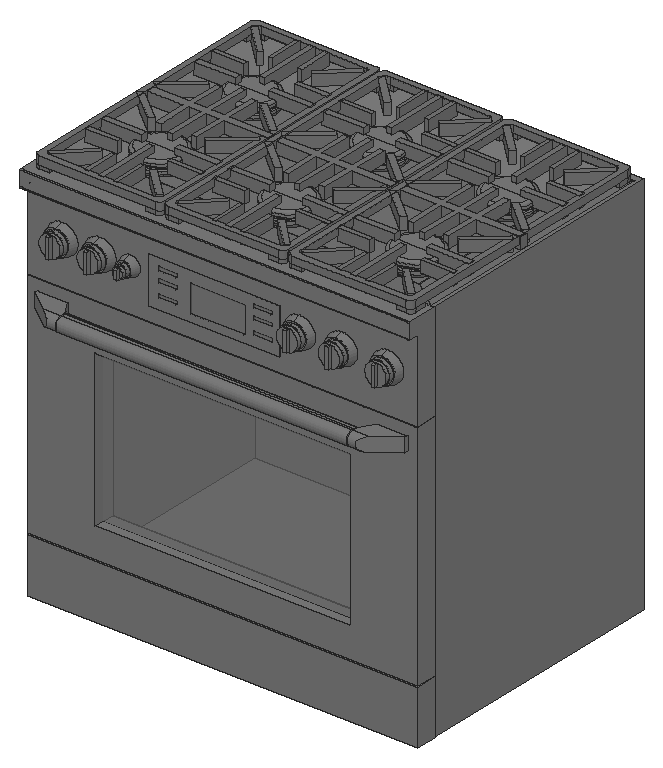
Revit family "DOP36M94D_Revit", category Specialty Equipment, Revit 2014 (continued)
Automatic sketch dimensions
  plane 6 to Extrusion 20 sketch curve = 0.54402"  (x2)
  plane 9 to Extrusion 20 sketch curve = 0.04155"  (x6)
  Extrusion 20 sketch curve to Extrusion 20 sketch curve = 1/2"  (x18)
  Extrusion 20 sketch curve to Extrusion 20 sketch curve = 0.51964"  (x16)
  Extrusion 20 sketch curve to Extrusion 20 sketch curve = 0.38691"  (x12)
  Extrusion 20 sketch curve to plane 3 "Center (Left/Right)" = 7.13575"  (x2)
  Extrusion 20 sketch curve to plane 4 = 0.60405"  (x3)
  Extrusion 20 sketch curve to Extrusion 20 sketch curve = 0.22919"  (x2)
  Extrusion 20 sketch curve to Extrusion 20 sketch curve = 0.01964"  (x2)
  plane 9 to Extrusion 20 sketch curve = 0.59656"
  plane 3 "Center (Left/Right)" to Extrusion 20 sketch curve = 4.19523"  (x2)
  Extrusion 20 sketch curve to Extrusion 20 sketch curve = 0.2524"  (x2)
  Extrusion 20 sketch curve to plane 7 = 1.95058"  (x2)
  Extrusion 20 sketch curve to Extrusion 20 sketch curve = 0.55501"  (x5)
  Extrusion 20 sketch curve to Extrusion 20 sketch curve = 0.05501"
  Extrusion 20 sketch curve to Extrusion 20 sketch curve = 0.41301"  (x10)
  Extrusion 20 sketch curve to plane 5 = 0.49042"  (x2)
  Extrusion 20 sketch curve to plane 4 = 2.07208"
  Extrusion 20 sketch curve to Extrusion 20 sketch curve = 0.96803"  (x3)
  Extrusion 20 sketch curve to Extrusion 20 sketch curve = 0"  (x4)
  plane 6 to Extrusion 21 sketch curve = 0.66517"  (x2)
  Extrusion 21 sketch curve to Extrusion 21 sketch curve = 0.35355"  (x36)
  Extrusion 21 sketch curve to Extrusion 21 sketch curve = 0.04494"  (x3)
  plane 6 to Extrusion 21 sketch curve = 1.06366"  (x6)
  Extrusion 21 sketch curve to Extrusion 21 sketch curve = 0.34283"  (x15)
  plane 9 to Extrusion 21 sketch curve = 0.77284"  (x6)
  Extrusion 21 sketch curve to Extrusion 21 sketch curve = 2.56177"  (x4)
  Extrusion 21 sketch curve to Extrusion 21 sketch curve = 2.65165"  (x2)
  Extrusion 21 sketch curve to plane 1 "Center (Front/Back)" = 1.84429"  (x6)
  Extrusion 21 sketch curve to Extrusion 21 sketch curve = 0.34835"  (x6)
  Extrusion 21 sketch curve to Extrusion 21 sketch curve = 0.44539"  (x5)
  Extrusion 21 sketch curve to Extrusion 21 sketch curve = 0"  (x26)
  Extrusion 21 sketch curve to Extrusion 21 sketch curve = 0.74123"  (x5)
  Extrusion 21 sketch curve to plane 4 = 1.12314"  (x5)
  Extrusion 21 sketch curve to Extrusion 21 sketch curve = 0.46763"  (x20)
  Extrusion 21 sketch curve to Extrusion 21 sketch curve = 0.84662"  (x5)
  Extrusion 21 sketch curve to Extrusion 21 sketch curve = 0.34263"  (x12)
  Extrusion 21 sketch curve to Extrusion 21 sketch curve = 0.90737"
  Extrusion 21 sketch curve to Extrusion 21 sketch curve = 1.13909"  (x3)
  Extrusion 21 sketch curve to Extrusion 21 sketch curve = 1.15737"  (x8)
  Extrusion 21 sketch curve to Extrusion 21 sketch curve = 2.31473"  (x3)
  Extrusion 21 sketch curve to Extrusion 21 sketch curve = 1.3852"  (x6)
  plane 5 to Extrusion 21 sketch curve = 1.42449"
  Extrusion 21 sketch curve to Extrusion 21 sketch curve = 0.70886"  (x6)
  Extrusion 21 sketch curve to Extrusion 21 sketch curve = 0.50401"  (x6)
  Extrusion 21 sketch curve to Extrusion 21 sketch curve = 0.94946"  (x5)
  Extrusion 21 sketch curve to plane 4 = 4.33545"  (x2)
  plane 5 to Extrusion 21 sketch curve = 1.76732"  (x5)
  Extrusion 21 sketch curve to plane 1 "Center (Front/Back)" = 2.19784"  (x2)
  Extrusion 21 sketch curve to plane 4 = 1.34097"  (x4)
  Extrusion 21 sketch curve to Extrusion 21 sketch curve = 3.36051"  (x3)
  plane 1 "Center (Front/Back)" to Extrusion 21 sketch curve = 1.8755"  (x4)
  Extrusion 21 sketch curve to Extrusion 21 sketch curve = 3.46427"  (x2)
  plane 1 "Center (Front/Back)" to Extrusion 21 sketch curve = 0.69263"  (x4)
  Extrusion 21 sketch curve to Extrusion 21 sketch curve = 3"  (x3)
  plane 1 "Center (Front/Back)" to Extrusion 21 sketch curve = 0.33908"  (x6)
  plane 1 "Center (Front/Back)" to Extrusion 21 sketch curve = 2.22905"  (x6)
  Extrusion 21 sketch curve to Extrusion 21 sketch curve = 0.29017"
  Extrusion 21 sketch curve to Extrusion 21 sketch curve = 0.45534"  (x2)
  Extrusion 21 sketch curve to plane 4 = 1.6838"  (x2)
  Extrusion 21 sketch curve to Extrusion 21 sketch curve = 1.31095"  (x2)
  Extrusion 21 sketch curve to Extrusion 21 sketch curve = 1.06483"  (x4)
  Extrusion 21 sketch curve to plane 5 = 0.88433"  (x2)
  Extrusion 21 sketch curve to plane 3 "Center (Left/Right)" = 2.56207"  (x2)
  Extrusion 21 sketch curve to plane 3 "Center (Left/Right)" = 2.47219"
  plane 9 to Extrusion 21 sketch curve = 0.55501"  (x9)
  Extrusion 21 sketch curve to plane 3 "Center (Left/Right)" = 1.38813"
  Extrusion 21 sketch curve to plane 3 "Center (Left/Right)" = 1.27721"  (x2)
  Extrusion 21 sketch curve to plane 3 "Center (Left/Right)" = 0.13813"  (x4)
  plane 3 "Center (Left/Right)" to Extrusion 21 sketch curve = 0.32951"  (x4)
  Extrusion 21 sketch curve to Extrusion 21 sketch curve = 0.93973"  (x2)
  plane 3 "Center (Left/Right)" to Extrusion 21 sketch curve = 1.26924"
  Extrusion 21 sketch curve to Extrusion 21 sketch curve = 2.74927"
  Extrusion 21 sketch curve to Extrusion 21 sketch curve = 0.26872"
  Extrusion 21 sketch curve to Extrusion 21 sketch curve = 0.20301"  (x2)
  Extrusion 21 sketch curve to Extrusion 21 sketch curve = 13/16"  (x4)
  Extrusion 21 sketch curve to Extrusion 21 sketch curve = 1.05862"  (x2)
  Extrusion 21 sketch curve to plane 7 = 1.46744"  (x2)
  Extrusion 21 sketch curve to plane 7 = 1.02105"  (x2)
  Extrusion 21 sketch curve to plane 7 = 0.87849"  (x4)
  Extrusion 21 sketch curve to plane 7 = 0.37733"
  Extrusion 21 sketch curve to Extrusion 21 sketch curve = 0.2768"  (x10)
  Extrusion 21 sketch curve to Extrusion 21 sketch curve = 1.46121"  (x9)
  Extrusion 21 sketch curve to Extrusion 21 sketch curve = 7/16"  (x12)
  Extrusion 21 sketch curve to Extrusion 21 sketch curve = 0.65897"  (x3)
  Extrusion 21 sketch curve to Extrusion 21 sketch curve = 0.70743"  (x8)
  Extrusion 21 sketch curve to Extrusion 21 sketch curve = 0.5795"  (x12)
  Extrusion 21 sketch curve to Extrusion 21 sketch curve = 0.89493"  (x9)
  Extrusion 21 sketch curve to Extrusion 21 sketch curve = 1.62209"  (x6)
  Extrusion 21 sketch curve to Extrusion 21 sketch curve = 0.02284"  (x6)
  plane 1 "Center (Front/Back)" to Extrusion 21 sketch curve = 1.63544"  (x2)
  Extrusion 21 sketch curve to Extrusion 21 sketch curve = 0.59361"
  Extrusion 21 sketch curve to Extrusion 21 sketch curve = 0.24006"  (x3)
  Extrusion 21 sketch curve to Extrusion 21 sketch curve = 0.70275"  (x5)
  Extrusion 21 sketch curve to Extrusion 21 sketch curve = 0.19305"  (x3)
  Extrusion 21 sketch curve to Extrusion 21 sketch curve = 0.74976"
  Extrusion 21 sketch curve to Extrusion 21 sketch curve = 0.33071"  (x6)
  Extrusion 21 sketch curve to Extrusion 21 sketch curve = 3/4"  (x3)
  Extrusion 21 sketch curve to Extrusion 21 sketch curve = 1.36641"  (x5)
  Extrusion 21 sketch curve to Extrusion 21 sketch curve = 0.06603"  (x2)
  Revolve 22 sketch curve to plane 9 = 0"
  plane 11 to Revolve 22 sketch curve = 1/8"
  Revolve 22 sketch curve to plane 11 = 0.26351"
  Revolve 22 sketch curve to Revolve 22 sketch curve = 0.33385"
  Revolve 22 sketch curve to plane 14 = 3.49702"
  Revolve 22 sketch curve to Revolve 22 sketch curve = 0.9799"
  Revolve 22 sketch curve to Revolve 22 sketch curve = 0.06726"
  Revolve 22 sketch curve to Revolve 22 sketch curve = 0.13737"
  Revolve 22 sketch curve to Revolve 22 sketch curve = 0.20096"
  Revolve 22 sketch curve to plane 9 = 1/4"
  Revolve 22 sketch curve to plane 11 = 1/8"
  Revolve 22 sketch curve to Revolve 22 sketch curve = 0"
  Extrusion 23 sketch curve to plane 7 = 2.82771"
  Extrusion 23 sketch curve to Extrusion 23 sketch curve = 0.30095"
  Extrusion 23 sketch curve to plane 14 = 4.41501"
  Extrusion 23 sketch curve to Extrusion 23 sketch curve = 1.82959"
  plane 8 to Revolve 24 sketch curve = 1/32"
  plane 3 "Center (Left/Right)" to Revolve 24 sketch curve = 2 1/2"
  Revolve 24 sketch curve to plane 8 = 0.3223"
  Revolve 24 sketch curve to Revolve 24 sketch curve = 0"
  Revolve 24 sketch curve to Revolve 24 sketch curve = 0.08277"
  Revolve 24 sketch curve to plane 8 = 0.09852"
  Revolve 24 sketch curve to Revolve 24 sketch curve = 0.047"  (x2)
  Revolve 24 sketch curve to plane 8 = 0.19253"
  plane 14 to Revolve 24 sketch curve = 0.70035"
  Revolve 24 sketch curve to Revolve 24 sketch curve = 0.1853"
  Revolve 24 sketch curve to Revolve 24 sketch curve = 1/4"  (x2)
  Revolve 24 sketch curve to Revolve 24 sketch curve = 0.0647"
  plane 14 to Revolve 24 sketch curve = 0.55589"
  Revolve 24 sketch curve to Revolve 24 sketch curve = 0.53915"
  Revolve 24 sketch curve to plane 14 = 0.23056"
  Revolve 24 sketch curve to Revolve 24 sketch curve = 0.45405"
  plane 3 "Center (Left/Right)" to Revolve 24 sketch curve = 1/4"  (x2)
  Revolve 24 sketch curve to Revolve 24 sketch curve = 0.10347"
  plane 14 to Revolve 24 sketch curve = 0.63472"
  plane 8 to Revolve 25 sketch curve = 1/32"
  plane 3 "Center (Left/Right)" to Revolve 25 sketch curve = 2 1/2"
  Revolve 25 sketch curve to plane 8 = 0.3223"
  Revolve 25 sketch curve to Revolve 25 sketch curve = 0"
  Revolve 25 sketch curve to Revolve 25 sketch curve = 0.08277"
  Revolve 25 sketch curve to plane 8 = 0.09852"
  Revolve 25 sketch curve to Revolve 25 sketch curve = 0.047"  (x2)
  Revolve 25 sketch curve to plane 8 = 0.19253"
  plane 14 to Revolve 25 sketch curve = 0.70035"
  Revolve 25 sketch curve to Revolve 25 sketch curve = 0.1853"
  Revolve 25 sketch curve to Revolve 25 sketch curve = 1/4"  (x2)
  plane 14 to Revolve 25 sketch curve = 0.55589"
  Revolve 25 sketch curve to Revolve 25 sketch curve = 0.53915"
  Revolve 25 sketch curve to plane 14 = 0.23056"
  Revolve 25 sketch curve to Revolve 25 sketch curve = 0.45405"
  plane 3 "Center (Left/Right)" to Revolve 25 sketch curve = 1/4"  (x2)
  plane 8 to Revolve 25 sketch curve = 9/32"
  plane 14 to Revolve 25 sketch curve = 0.63472"
  Revolve 25 sketch curve to Revolve 25 sketch curve = 0.10347"
  Extrusion 26 sketch curve to plane 9 = 0"
  plane 12 to Extrusion 26 sketch curve = 0.63465"
  Extrusion 26 sketch curve to plane 14 = 9.8281"
  Extrusion 26 sketch curve to Extrusion 26 sketch curve = 0.62497"
  Extrusion 27 sketch curve to plane 9 = 0"
  Extrusion 27 sketch curve to plane 11 = 0.78928"
  Extrusion 27 sketch curve to plane 7 = 4.67294"
  Extrusion 27 sketch curve to plane 12 = 0.197"
  Extrusion 27 sketch curve to Extrusion 27 sketch curve = 0.67079"
  Extrusion 27 sketch curve to Extrusion 27 sketch curve = 1"
  Extrusion 27 sketch curve to plane 7 = 0.59608"
  Extrusion 27 sketch curve to plane 9 = 0.03589"
  Extrusion 28 sketch curve to plane 9 = 0"
  plane 12 to Extrusion 28 sketch curve = 0.63465"
  Extrusion 28 sketch curve to plane 14 = 8.57815"
  Extrusion 28 sketch curve to Extrusion 28 sketch curve = 0.62497"
  Extrusion 29 sketch curve to plane 9 = 0"
  plane 11 to Extrusion 29 sketch curve = 0.78928"
  Extrusion 29 sketch curve to plane 6 = 4.67294"
  plane 12 to Extrusion 29 sketch curve = 0.197"
  Extrusion 29 sketch curve to Extrusion 29 sketch curve = 0.67079"
  Extrusion 29 sketch curve to Extrusion 29 sketch curve = 1"
  Extrusion 29 sketch curve to plane 6 = 0.59608"
  plane 9 to Extrusion 29 sketch curve = 0.03589"
  Extrusion 30 sketch curve to plane 3 "Center (Left/Right)" = 5.8615"
  Extrusion 30 sketch curve to Extrusion 30 sketch curve = 0"  (x7)
  Extrusion 30 sketch curve to Extrusion 30 sketch curve = 1.72166"  (x3)
  Extrusion 30 sketch curve to Extrusion 30 sketch curve = 1.24545"
  plane 3 "Center (Left/Right)" to Extrusion 30 sketch curve = 2.10561"
  Extrusion 30 sketch curve to Extrusion 30 sketch curve = 0.78289"  (x2)
  Extrusion 30 sketch curve to plane 14 = 5.4775"
  Extrusion 30 sketch curve to Extrusion 30 sketch curve = 1/4"  (x2)
  Extrusion 30 sketch curve to Extrusion 30 sketch curve = 0.36631"  (x6)
  Extrusion 30 sketch curve to Extrusion 30 sketch curve = 0.88369"  (x2)
  Extrusion 30 sketch curve to Extrusion 30 sketch curve = 0.63369"  (x2)
  Revolve 31 sketch curve to plane 9 = 0"
  plane 11 to Revolve 31 sketch curve = 1/8"
  Revolve 31 sketch curve to plane 11 = 0.26351"
  Revolve 31 sketch curve to Revolve 31 sketch curve = 0.33385"
  Revolve 31 sketch curve to plane 14 = 3.49702"
  Revolve 31 sketch curve to Revolve 31 sketch curve = 0.9799"
  Revolve 31 sketch curve to Revolve 31 sketch curve = 0.06726"
  Revolve 31 sketch curve to Revolve 31 sketch curve = 0.13737"
  Revolve 31 sketch curve to Revolve 31 sketch curve = 0.20096"
  Revolve 31 sketch curve to plane 9 = 1/4"
  Revolve 31 sketch curve to plane 11 = 1/8"
  Revolve 31 sketch curve to Revolve 31 sketch curve = 0"
  Extrusion 32 sketch curve to plane 7 = 7.07771"
  Extrusion 32 sketch curve to Extrusion 32 sketch curve = 0.30095"
  Extrusion 32 sketch curve to plane 14 = 4.41501"
  Extrusion 32 sketch curve to Extrusion 32 sketch curve = 1.82959"
  Revolve 33 sketch curve to plane 9 = 0"
  plane 11 to Revolve 33 sketch curve = 1/8"
  Revolve 33 sketch curve to plane 11 = 0.26351"
  Revolve 33 sketch curve to Revolve 33 sketch curve = 0.33385"
  Revolve 33 sketch curve to plane 14 = 3.49702"
  Revolve 33 sketch curve to Revolve 33 sketch curve = 0.9799"
  Revolve 33 sketch curve to Revolve 33 sketch curve = 0.06726"
  Revolve 33 sketch curve to Revolve 33 sketch curve = 0.13737"
  Revolve 33 sketch curve to Revolve 33 sketch curve = 0.20096"
  Revolve 33 sketch curve to plane 9 = 1/4"
  Revolve 33 sketch curve to plane 11 = 1/8"
  Revolve 33 sketch curve to Revolve 33 sketch curve = 0"
  plane 3 "Center (Left/Right)" to Extrusion 34 sketch curve = 6.98479"
  Extrusion 34 sketch curve to Extrusion 34 sketch curve = 0.30095"
  Extrusion 34 sketch curve to plane 14 = 4.41501"
  Extrusion 34 sketch curve to Extrusion 34 sketch curve = 1.82959"
  Revolve 35 sketch curve to plane 9 = 0"
  plane 11 to Revolve 35 sketch curve = 1/8"
  Revolve 35 sketch curve to plane 11 = 0.26351"
  Revolve 35 sketch curve to Revolve 35 sketch curve = 0.33385"
  Revolve 35 sketch curve to plane 14 = 3.49702"
  Revolve 35 sketch curve to Revolve 35 sketch curve = 0.9799"
  Revolve 35 sketch curve to Revolve 35 sketch curve = 0.06726"
  Revolve 35 sketch curve to Revolve 35 sketch curve = 0.13737"
  Revolve 35 sketch curve to Revolve 35 sketch curve = 0.20096"
  Revolve 35 sketch curve to Revolve 35 sketch curve = 1/4"
  Revolve 35 sketch curve to plane 11 = 1/8"
  Revolve 35 sketch curve to Revolve 35 sketch curve = 0"
  plane 6 to Extrusion 36 sketch curve = 6.54729"
  Extrusion 36 sketch curve to Extrusion 36 sketch curve = 0.30095"
  Extrusion 36 sketch curve to plane 14 = 4.41501"
  Extrusion 36 sketch curve to Extrusion 36 sketch curve = 1.82959"
  Revolve 37 sketch curve to plane 9 = 0"
  plane 11 to Revolve 37 sketch curve = 1/8"
  Revolve 37 sketch curve to plane 11 = 0.26351"
  Revolve 37 sketch curve to Revolve 37 sketch curve = 0.33385"
  Revolve 37 sketch curve to plane 14 = 3.49702"
  Revolve 37 sketch curve to Revolve 37 sketch curve = 0.9799"
  Revolve 37 sketch curve to Revolve 37 sketch curve = 0.06726"
  Revolve 37 sketch curve to Revolve 37 sketch curve = 0.13737"
  Revolve 37 sketch curve to Revolve 37 sketch curve = 0.20096"
  Revolve 37 sketch curve to Revolve 37 sketch curve = 1/4"
  Revolve 37 sketch curve to plane 11 = 1/8"
  Revolve 37 sketch curve to Revolve 37 sketch curve = 0"
  plane 6 to Extrusion 38 sketch curve = 3.04729"
  Extrusion 38 sketch curve to Extrusion 38 sketch curve = 0.30095"
  Extrusion 38 sketch curve to plane 14 = 4.41501"
  Extrusion 38 sketch curve to Extrusion 38 sketch curve = 1.82959"
  Revolve 39 sketch curve to plane 9 = 0"
  plane 11 to Revolve 39 sketch curve = 1/8"
  Revolve 39 sketch curve to plane 11 = 0.26351"
  Revolve 39 sketch curve to Revolve 39 sketch curve = 0.33385"
  Revolve 39 sketch curve to plane 14 = 3.49702"
  Revolve 39 sketch curve to Revolve 39 sketch curve = 0.4799"
  Revolve 39 sketch curve to Revolve 39 sketch curve = 0.06726"
  Revolve 39 sketch curve to Revolve 39 sketch curve = 0.13737"
  Revolve 39 sketch curve to Revolve 39 sketch curve = 0.20096"
  Revolve 39 sketch curve to Revolve 39 sketch curve = 1/4"
  Revolve 39 sketch curve to plane 11 = 1/8"
  Revolve 39 sketch curve to Revolve 39 sketch curve = 0"
  Extrusion 40 sketch curve to plane 3 "Center (Left/Right)" = 8.64021"
  Extrusion 40 sketch curve to Extrusion 40 sketch curve = 0.30095"
  Extrusion 40 sketch curve to plane 14 = 3.91485"
  Extrusion 40 sketch curve to Extrusion 40 sketch curve = 0.82379"
